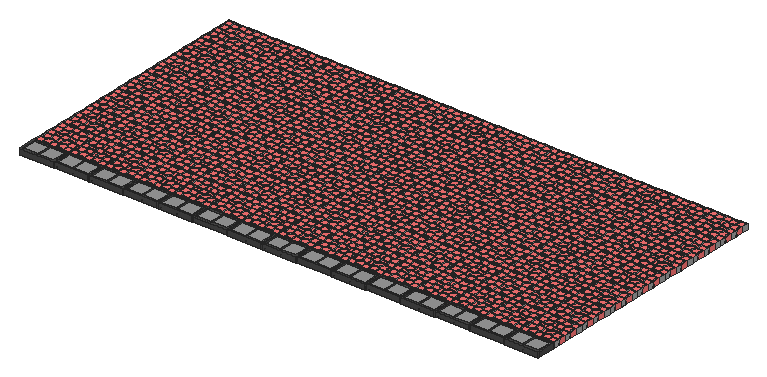
Revit family "ECORASTER® Parkplatz Typ 1", category Generic Models, Revit 2014
Parameters
  Width = 2200 mm
  Vertical Count = Width / Block Length  # 7
  Stein weiss = Mat_white
  Length = 5000 mm
  Horizontal Count = Length / Block Length  # 15
  E50 Stones = Red
  E50 Housing = Default
  E = (Vertical Count * Block Length)  # 2310 mm
  D = Vertical Count * Block Length  # 2310 mm
  Bloxx halb housing = Black
  Block Length = 330 mm
Reference planes
  plane 1 "Center (Front/Back)": y = 0
  plane 2: z = 0
  plane 3 "Center (Left/Right)": x = 0
Dimensions and locks
  equal spacing: group 1, group 2, group 11, group 80, group 81, group 82, group 123  (x3)
  "Block Length": nested 1 to nested 2
  equal spacing: group 5, group 6, group 10, group 83, group 84, group 85, group 124  (x3)
  equal spacing: group 3, group 7, group 14, group 19, group 23, group 27, group 34, group 38, group 42, group 46, group 50, group 54, group 58, group 62, group 66  (x3)
  "Block Length": nested 4 to nested 2
  equal spacing: group 8, group 9, group 16, group 29, group 30, group 31, group 68, group 69, group 70, group 71, group 72, group 73, group 74, group 75, group 76  (x3)
  equal spacing: group 12, group 13, group 15, group 86, group 87, group 88, group 125  (x3)
  "Block Length": nested 10 to nested 11
  equal spacing: group 17, group 18, group 20, group 89, group 90, group 91, group 126  (x3)
  "Block Length": nested 14 to nested 15
  equal spacing: group 21, group 22, group 24, group 92, group 93, group 94, group 127  (x3)
  "Block Length": nested 17 to nested 18
  equal spacing: group 25, group 26, group 28, group 95, group 96, group 97, group 128  (x3)
  "Block Length": nested 20 to nested 21
  equal spacing: group 32, group 33, group 35, group 98, group 99, group 100, group 129  (x3)
  "Block Length": nested 26 to nested 27
  equal spacing: group 36, group 37, group 39, group 101, group 102, group 103, group 130  (x3)
  "Block Length": nested 29 to nested 30
  equal spacing: group 40, group 41, group 43, group 104, group 105, group 106, group 131  (x3)
  "Block Length": nested 32 to nested 33
  equal spacing: group 44, group 45, group 47, group 107, group 108, group 109, group 132  (x3)
  "Block Length": nested 35 to nested 36
  equal spacing: group 48, group 49, group 51, group 110, group 111, group 112, group 133  (x3)
  "Block Length": nested 38 to nested 39
  equal spacing: group 52, group 53, group 55, group 113, group 114, group 115, group 134  (x3)
  "Block Length": nested 41 to nested 42
  equal spacing: group 56, group 57, group 59, group 116, group 117, group 118, group 135  (x3)
  "Block Length": nested 44 to nested 45
  equal spacing: group 60, group 61, group 63, group 119, group 120, group 121, group 136  (x3)
  "Block Length": nested 47 to nested 48
  equal spacing: group 64, group 65, group 67, group 77, group 78, group 79, group 122  (x3)
  "Block Length": nested 50 to nested 51
  aligned and locked: plane 2 to level
Nested families
  nested 1: "E50_Red_Brick" at (-167, 165, 0), type "E50_Red_Brick"
  nested 2: "E50_Red_Brick" at (-167, 495, 0), type "E50_Red_Brick"
  nested 3: "E50_Red_Brick" at (163, 165, 0), type "E50_Red_Brick", not visible
  nested 4: "E50_Red_Brick" at (163, 165, 0), type "E50_Red_Brick"
  nested 5: "E50_Red_Brick" at (163, 495, 0), type "E50_Red_Brick"
  nested 6: "ECORASTER Half_Bloxx" at (-165, -180, 0), type "ECORASTER Half_Bloxx"
  nested 7: "ECORASTER Half_Bloxx" at (165, -180, 0), type "ECORASTER Half_Bloxx"
  nested 8: "E50_Red_Brick" at (163, 825, 0), type "E50_Red_Brick"
  nested 9: "E50_Red_Brick" at (-167, 825, 0), type "E50_Red_Brick"
  nested 10: "E50_Red_Brick" at (493, 165, 0), type "E50_Red_Brick"
  nested 11: "E50_Red_Brick" at (493, 495, 0), type "E50_Red_Brick"
  nested 12: "E50_Red_Brick" at (493, 825, 0), type "E50_Red_Brick"
  nested 13: "ECORASTER Half_Bloxx" at (495, -180, 0), type "ECORASTER Half_Bloxx"
  nested 14: "E50_Red_Brick" at (823, 165, 0), type "E50_Red_Brick"
  nested 15: "E50_Red_Brick" at (823, 495, 0), type "E50_Red_Brick"
  nested 16: "E50_Red_Brick" at (823, 825, 0), type "E50_Red_Brick"
  nested 17: "E50_Red_Brick" at (1153, 165, 0), type "E50_Red_Brick"
  nested 18: "E50_Red_Brick" at (1153, 495, 0), type "E50_Red_Brick"
  nested 19: "E50_Red_Brick" at (1153, 825, 0), type "E50_Red_Brick"
  nested 20: "E50_Red_Brick" at (1483, 165, 0), type "E50_Red_Brick"
  nested 21: "E50_Red_Brick" at (1483, 495, 0), type "E50_Red_Brick"
  nested 22: "E50_Red_Brick" at (1483, 825, 0), type "E50_Red_Brick"
  nested 23: "ECORASTER Half_Bloxx" at (825, -180, 0), type "ECORASTER Half_Bloxx"
  nested 24: "ECORASTER Half_Bloxx" at (1155, -180, 0), type "ECORASTER Half_Bloxx"
  nested 25: "ECORASTER Half_Bloxx" at (1485, -180, 0), type "ECORASTER Half_Bloxx"
  nested 26: "E50_Red_Brick" at (1813, 165, 0), type "E50_Red_Brick"
  nested 27: "E50_Red_Brick" at (1813, 495, 0), type "E50_Red_Brick"
  nested 28: "E50_Red_Brick" at (1813, 825, 0), type "E50_Red_Brick"
  nested 29: "E50_Red_Brick" at (2143, 165, 0), type "E50_Red_Brick"
  nested 30: "E50_Red_Brick" at (2143, 495, 0), type "E50_Red_Brick"
  nested 31: "E50_Red_Brick" at (2143, 825, 0), type "E50_Red_Brick"
  nested 32: "E50_Red_Brick" at (2473, 165, 0), type "E50_Red_Brick"
  nested 33: "E50_Red_Brick" at (2473, 495, 0), type "E50_Red_Brick"
  nested 34: "E50_Red_Brick" at (2473, 825, 0), type "E50_Red_Brick"
  nested 35: "E50_Red_Brick" at (2803, 165, 0), type "E50_Red_Brick"
  nested 36: "E50_Red_Brick" at (2803, 495, 0), type "E50_Red_Brick"
  nested 37: "E50_Red_Brick" at (2803, 825, 0), type "E50_Red_Brick"
  nested 38: "E50_Red_Brick" at (3133, 165, 0), type "E50_Red_Brick"
  nested 39: "E50_Red_Brick" at (3133, 495, 0), type "E50_Red_Brick"
  nested 40: "E50_Red_Brick" at (3133, 825, 0), type "E50_Red_Brick"
  nested 41: "E50_Red_Brick" at (3463, 165, 0), type "E50_Red_Brick"
  nested 42: "E50_Red_Brick" at (3463, 495, 0), type "E50_Red_Brick"
  nested 43: "E50_Red_Brick" at (3463, 825, 0), type "E50_Red_Brick"
  nested 44: "E50_Red_Brick" at (3793, 165, 0), type "E50_Red_Brick"
  nested 45: "E50_Red_Brick" at (3793, 495, 0), type "E50_Red_Brick"
  nested 46: "E50_Red_Brick" at (3793, 825, 0), type "E50_Red_Brick"
  nested 47: "E50_Red_Brick" at (4123, 165, 0), type "E50_Red_Brick"
  nested 48: "E50_Red_Brick" at (4123, 495, 0), type "E50_Red_Brick"
  nested 49: "E50_Red_Brick" at (4123, 825, 0), type "E50_Red_Brick"
  nested 50: "E50_Red_Brick" at (4453, 165, 0), type "E50_Red_Brick"
  nested 51: "E50_Red_Brick" at (4453, 495, 0), type "E50_Red_Brick"
  nested 52: "E50_Red_Brick" at (4453, 825, 0), type "E50_Red_Brick"
  nested 53: "ECORASTER Half_Bloxx" at (1815, -180, 0), type "ECORASTER Half_Bloxx"
  nested 54: "ECORASTER Half_Bloxx" at (2145, -180, 0), type "ECORASTER Half_Bloxx"
  nested 55: "ECORASTER Half_Bloxx" at (2475, -180, 0), type "ECORASTER Half_Bloxx"
  nested 56: "ECORASTER Half_Bloxx" at (2805, -180, 0), type "ECORASTER Half_Bloxx"
  nested 57: "ECORASTER Half_Bloxx" at (3135, -180, 0), type "ECORASTER Half_Bloxx"
  nested 58: "ECORASTER Half_Bloxx" at (3465, -180, 0), type "ECORASTER Half_Bloxx"
  nested 59: "ECORASTER Half_Bloxx" at (3795, -180, 0), type "ECORASTER Half_Bloxx"
  nested 60: "ECORASTER Half_Bloxx" at (4125, -180, 0), type "ECORASTER Half_Bloxx"
  nested 61: "ECORASTER Half_Bloxx" at (4455, -180, 0), type "ECORASTER Half_Bloxx"
  nested 62: "E50_Red_Brick" at (4453, 1155, 0), type "E50_Red_Brick"
  nested 63: "E50_Red_Brick" at (4453, 1485, 0), type "E50_Red_Brick"
  nested 64: "E50_Red_Brick" at (4453, 1815, 0), type "E50_Red_Brick"
  nested 65: "E50_Red_Brick" at (-167, 1155, 0), type "E50_Red_Brick"
  nested 66: "E50_Red_Brick" at (-167, 1485, 0), type "E50_Red_Brick"
  nested 67: "E50_Red_Brick" at (-167, 1815, 0), type "E50_Red_Brick"
  nested 68: "E50_Red_Brick" at (163, 1155, 0), type "E50_Red_Brick"
  nested 69: "E50_Red_Brick" at (163, 1485, 0), type "E50_Red_Brick"
  nested 70: "E50_Red_Brick" at (163, 1815, 0), type "E50_Red_Brick"
  nested 71: "E50_Red_Brick" at (493, 1155, 0), type "E50_Red_Brick"
  nested 72: "E50_Red_Brick" at (493, 1485, 0), type "E50_Red_Brick"
  nested 73: "E50_Red_Brick" at (493, 1815, 0), type "E50_Red_Brick"
  nested 74: "E50_Red_Brick" at (823, 1155, 0), type "E50_Red_Brick"
  nested 75: "E50_Red_Brick" at (823, 1485, 0), type "E50_Red_Brick"
  nested 76: "E50_Red_Brick" at (823, 1815, 0), type "E50_Red_Brick"
  nested 77: "E50_Red_Brick" at (1153, 1155, 0), type "E50_Red_Brick"
  nested 78: "E50_Red_Brick" at (1153, 1485, 0), type "E50_Red_Brick"
  nested 79: "E50_Red_Brick" at (1153, 1815, 0), type "E50_Red_Brick"
  nested 80: "E50_Red_Brick" at (1483, 1155, 0), type "E50_Red_Brick"
  nested 81: "E50_Red_Brick" at (1483, 1485, 0), type "E50_Red_Brick"
  nested 82: "E50_Red_Brick" at (1483, 1815, 0), type "E50_Red_Brick"
  nested 83: "E50_Red_Brick" at (1813, 1155, 0), type "E50_Red_Brick"
  nested 84: "E50_Red_Brick" at (1813, 1485, 0), type "E50_Red_Brick"
  nested 85: "E50_Red_Brick" at (1813, 1815, 0), type "E50_Red_Brick"
  nested 86: "E50_Red_Brick" at (2143, 1155, 0), type "E50_Red_Brick"
  nested 87: "E50_Red_Brick" at (2143, 1485, 0), type "E50_Red_Brick"
  nested 88: "E50_Red_Brick" at (2143, 1815, 0), type "E50_Red_Brick"
  nested 89: "E50_Red_Brick" at (2473, 1155, 0), type "E50_Red_Brick"
  nested 90: "E50_Red_Brick" at (2473, 1485, 0), type "E50_Red_Brick"
  nested 91: "E50_Red_Brick" at (2473, 1815, 0), type "E50_Red_Brick"
  nested 92: "E50_Red_Brick" at (2803, 1155, 0), type "E50_Red_Brick"
  nested 93: "E50_Red_Brick" at (2803, 1485, 0), type "E50_Red_Brick"
  nested 94: "E50_Red_Brick" at (2803, 1815, 0), type "E50_Red_Brick"
  nested 95: "E50_Red_Brick" at (3133, 1155, 0), type "E50_Red_Brick"
  nested 96: "E50_Red_Brick" at (3133, 1485, 0), type "E50_Red_Brick"
  nested 97: "E50_Red_Brick" at (3133, 1815, 0), type "E50_Red_Brick"
  nested 98: "E50_Red_Brick" at (3463, 1155, 0), type "E50_Red_Brick"
  nested 99: "E50_Red_Brick" at (3463, 1485, 0), type "E50_Red_Brick"
  nested 100: "E50_Red_Brick" at (3463, 1815, 0), type "E50_Red_Brick"
  nested 101: "E50_Red_Brick" at (3793, 1155, 0), type "E50_Red_Brick"
  nested 102: "E50_Red_Brick" at (3793, 1485, 0), type "E50_Red_Brick"
  nested 103: "E50_Red_Brick" at (3793, 1815, 0), type "E50_Red_Brick"
  nested 104: "E50_Red_Brick" at (4123, 1155, 0), type "E50_Red_Brick"
  nested 105: "E50_Red_Brick" at (4123, 1485, 0), type "E50_Red_Brick"
  nested 106: "E50_Red_Brick" at (4123, 1815, 0), type "E50_Red_Brick"
  nested 107: "E50_Red_Brick" at (4453, 2145, 0), type "E50_Red_Brick"
  nested 108: "E50_Red_Brick" at (-167, 2145, 0), type "E50_Red_Brick"
  nested 109: "E50_Red_Brick" at (163, 2145, 0), type "E50_Red_Brick"
  nested 110: "E50_Red_Brick" at (493, 2145, 0), type "E50_Red_Brick"
  nested 111: "E50_Red_Brick" at (823, 2145, 0), type "E50_Red_Brick"
  nested 112: "E50_Red_Brick" at (1153, 2145, 0), type "E50_Red_Brick"
  nested 113: "E50_Red_Brick" at (1483, 2145, 0), type "E50_Red_Brick"
  nested 114: "E50_Red_Brick" at (1813, 2145, 0), type "E50_Red_Brick"
  nested 115: "E50_Red_Brick" at (2143, 2145, 0), type "E50_Red_Brick"
  nested 116: "E50_Red_Brick" at (2473, 2145, 0), type "E50_Red_Brick"
  nested 117: "E50_Red_Brick" at (2803, 2145, 0), type "E50_Red_Brick"
  nested 118: "E50_Red_Brick" at (3133, 2145, 0), type "E50_Red_Brick"
  nested 119: "E50_Red_Brick" at (3463, 2145, 0), type "E50_Red_Brick"
  nested 120: "E50_Red_Brick" at (3793, 2145, 0), type "E50_Red_Brick"
  nested 121: "E50_Red_Brick" at (4123, 2145, 0), type "E50_Red_Brick"
Definition of nested family "E50_Red_Brick"
  Parameters (values of type "E50_Red_Brick")
    Model = "Ecoraster E40"
    E50 stones = Red
    E 50 housing = Default
  Reference planes
    plane 1 "Center (Front/Back)": y = 0
    plane 2: z = 0
    plane 3 "Center (Left/Right)": x = 0
  Forms (mm)
    Extrusion 1, solid, material "Default" <- "E 50 housing", detail levels fine
      sketch origin (-163, -165, 0) x (1, 0, 0) y (0, 1, 0)
        loop
          line (66, 330) -> (0, 330) -> (0, 264)
          arc (0, 264) -> (13.669, 231) -> (0, 198) r 46.669
          line (0, 198) -> (0, 132)
          arc (0, 132) -> (13.669, 99) -> (0, 66) r 46.669
          line (0, 66) -> (0, 0) -> (66, 0)
          arc (66, 0) -> (99, 13.669) -> (132, 0) r 46.669
          line (132, 0) -> (198, 0)
          arc (198, 0) -> (231, 13.669) -> (264, 0) r 46.669
          line (264, 0) -> (330, 0) -> (330, 66)
          arc (330, 66) -> (316.331, 99) -> (330, 132) r 46.669
          line (330, 132) -> (330, 198)
          arc (330, 198) -> (316.331, 231) -> (330, 264) r 46.669
          line (330, 264) -> (330, 330) -> (264, 330)
          arc (264, 330) -> (231, 316.331) -> (198, 330) r 46.669
          line (198, 330) -> (132, 330)
          arc (132, 330) -> (99, 316.331) -> (66, 330) r 46.669
        loop
          line (3, 327) -> (3, 267) -> (63, 267) -> (63, 327) -> (3, 327)
        loop
          line (66, 325.878) -> (66, 268.122) -> (75.524, 256.665)
          arc (75.524, 256.665) -> (105.011, 250.72) -> (132, 264) r 46.669
          line (132, 264) -> (132, 325.878)
          arc (132, 325.878) -> (99, 313.331) -> (66, 325.878) r 49.669
        loop
          line (195, 327) -> (135, 327) -> (135, 267) -> (195, 267) -> (195, 327)
        loop
          line (198, 325.878) -> (198, 264)
          arc (198, 264) -> (224.989, 250.72) -> (254.476, 256.665) r 46.669
          line (254.476, 256.665) -> (264, 268.122) -> (264, 325.878)
          arc (264, 325.878) -> (231, 313.331) -> (198, 325.878) r 49.669
        loop
          line (327, 327) -> (267, 327) -> (267, 267) -> (327, 267) -> (327, 327)
        loop
          line (61.878, 264) -> (4.122, 264)
          arc (4.122, 264) -> (16.669, 231) -> (4.122, 198) r 49.669
          line (4.122, 198) -> (66, 198)
          arc (66, 198) -> (79.28, 224.989) -> (73.335, 254.476) r 46.669
          line (73.335, 254.476) -> (61.878, 264)
        loop
          arc (78.021, 251.979) -> (81.922, 222.416) -> (68.19, 195.947) r 49.669
          arc (68.19, 195.947) -> (132, 198) -> (134.053, 261.81) r 46.669
          arc (134.053, 261.81) -> (107.584, 248.078) -> (78.021, 251.979) r 49.669
        loop
          arc (136.122, 264) -> (148.669, 231) -> (136.122, 198) r 49.669
          line (136.122, 198) -> (193.878, 198)
          arc (193.878, 198) -> (181.331, 231) -> (193.878, 264) r 49.669
          line (193.878, 264) -> (136.122, 264)
        loop
          arc (195.947, 261.81) -> (198, 198) -> (261.81, 195.947) r 46.669
          arc (261.81, 195.947) -> (248.078, 222.416) -> (251.979, 251.979) r 49.669
          arc (251.979, 251.979) -> (222.416, 248.078) -> (195.947, 261.81) r 49.669
        loop
          line (268.122, 264) -> (256.665, 254.476)
          arc (256.665, 254.476) -> (250.72, 224.989) -> (264, 198) r 46.669
          line (264, 198) -> (325.878, 198)
          arc (325.878, 198) -> (313.331, 231) -> (325.878, 264) r 49.669
          line (325.878, 264) -> (268.122, 264)
        loop
          line (3, 195) -> (3, 135) -> (63, 135) -> (63, 195) -> (3, 195)
        loop
          line (66, 193.878) -> (66, 136.122)
          arc (66, 136.122) -> (99, 148.669) -> (132, 136.122) r 49.669
          line (132, 136.122) -> (132, 193.878)
          arc (132, 193.878) -> (99, 181.331) -> (66, 193.878) r 49.669
        loop
          line (195, 195) -> (135, 195) -> (135, 135) -> (195, 135) -> (195, 195)
        loop
          line (198, 193.878) -> (198, 136.122)
          arc (198, 136.122) -> (231, 148.669) -> (264, 136.122) r 49.669
          line (264, 136.122) -> (264, 193.878)
          arc (264, 193.878) -> (231, 181.331) -> (198, 193.878) r 49.669
        loop
          line (327, 195) -> (267, 195) -> (267, 135) -> (327, 135) -> (327, 195)
        loop
          line (66, 132) -> (4.122, 132)
          arc (4.122, 132) -> (16.669, 99) -> (4.122, 66) r 49.669
          line (4.122, 66) -> (61.878, 66) -> (73.335, 75.524)
          arc (73.335, 75.524) -> (79.28, 105.011) -> (66, 132) r 46.669
        loop
          arc (134.053, 68.19) -> (132, 132) -> (68.19, 134.053) r 46.669
          arc (68.19, 134.053) -> (81.922, 107.584) -> (78.021, 78.021) r 49.669
          arc (78.021, 78.021) -> (107.584, 81.922) -> (134.053, 68.19) r 49.669
        loop
          arc (136.122, 132) -> (148.669, 99) -> (136.122, 66) r 49.669
          line (136.122, 66) -> (193.878, 66)
          arc (193.878, 66) -> (181.331, 99) -> (193.878, 132) r 49.669
          line (193.878, 132) -> (136.122, 132)
        loop
          arc (261.81, 134.053) -> (198, 132) -> (195.947, 68.19) r 46.669
          arc (195.947, 68.19) -> (222.416, 81.922) -> (251.979, 78.021) r 49.669
          arc (251.979, 78.021) -> (248.078, 107.584) -> (261.81, 134.053) r 49.669
        loop
          arc (264, 132) -> (250.72, 105.011) -> (256.665, 75.524) r 46.669
          line (256.665, 75.524) -> (268.122, 66) -> (325.878, 66)
          arc (325.878, 66) -> (313.331, 99) -> (325.878, 132) r 49.669
          line (325.878, 132) -> (264, 132)
        loop
          line (63, 63) -> (3, 63) -> (3, 3) -> (63, 3) -> (63, 63)
        loop
          arc (132, 66) -> (105.011, 79.28) -> (75.524, 73.335) r 46.669
          line (75.524, 73.335) -> (66, 61.878) -> (66, 4.122)
          arc (66, 4.122) -> (99, 16.669) -> (132, 4.122) r 49.669
          line (132, 4.122) -> (132, 66)
        loop
          line (135, 63) -> (135, 3) -> (195, 3) -> (195, 63) -> (135, 63)
        loop
          arc (254.476, 73.335) -> (224.989, 79.28) -> (198, 66) r 46.669
          line (198, 66) -> (198, 4.122)
          arc (198, 4.122) -> (231, 16.669) -> (264, 4.122) r 49.669
          line (264, 4.122) -> (264, 61.878) -> (254.476, 73.335)
        loop
          line (267, 63) -> (267, 3) -> (327, 3) -> (327, 63) -> (267, 63)
      from 0 to 50
    Extrusion 2, void, detail levels fine
      sketch origin (-163, -165, 0) x (1, 0, 0) y (0, 1, 0)
        loop
          line (0, 299) -> (0, 295) -> (3, 295) -> (3, 299) -> (0, 299)
      from 0 to 20
    Extrusion 3, void, detail levels fine
      sketch origin (-163, -297, 0) x (1, 0, 0) y (0, 1, 0)
        loop
          line (0, 299) -> (0, 295) -> (3, 295) -> (3, 299) -> (0, 299)
      from 0 to 20
    Extrusion 4, void, detail levels fine
      sketch origin (-163, -429, 0) x (1, 0, 0) y (0, 1, 0)
        loop
          line (0, 299) -> (0, 295) -> (3, 295) -> (3, 299) -> (0, 299)
      from 0 to 20
    Extrusion 5, void, detail levels fine
      sketch origin (-427, -162, 0) x (0, -1, 0) y (1, 0, 0)
        loop
          line (0, 299) -> (0, 295) -> (3, 295) -> (3, 299) -> (0, 299)
      from 0 to 20
    Extrusion 6, void, detail levels fine
      sketch origin (-295, -162, 0) x (0, -1, 0) y (1, 0, 0)
        loop
          line (0, 299) -> (0, 295) -> (3, 295) -> (3, 299) -> (0, 299)
      from 0 to 20
    Extrusion 7, void, detail levels fine
      sketch origin (-163, -162, 0) x (0, -1, 0) y (1, 0, 0)
        loop
          line (0, 299) -> (0, 295) -> (3, 295) -> (3, 299) -> (0, 299)
      from 0 to 20
    Extrusion 8, solid, material "Default" <- "E 50 housing", detail levels coarse
      sketch origin (-163, -165, 0) x (1, 0, 0) y (0, 1, 0)
        loop
          line (0, 330) -> (0, 0) -> (330, 0) -> (330, 330) -> (0, 330)
      from 0 to 50
    Extrusion 9, solid, material "Default" <- "E 50 housing", detail levels medium
      sketch origin (-163, -165, 0) x (1, 0, 0) y (0, 1, 0)
        loop
          line (66, 330) -> (0, 330) -> (0, 264)
          arc (0, 264) -> (13.669, 231) -> (0, 198) r 46.669
          line (0, 198) -> (0, 132)
          arc (0, 132) -> (13.669, 99) -> (0, 66) r 46.669
          line (0, 66) -> (0, 0) -> (66, 0)
          arc (66, 0) -> (99, 13.669) -> (132, 0) r 46.669
          line (132, 0) -> (198, 0)
          arc (198, 0) -> (231, 13.669) -> (264, 0) r 46.669
          line (264, 0) -> (330, 0) -> (330, 66)
          arc (330, 66) -> (316.331, 99) -> (330, 132) r 46.669
          line (330, 132) -> (330, 198)
          arc (330, 198) -> (316.331, 231) -> (330, 264) r 46.669
          line (330, 264) -> (330, 330) -> (264, 330)
          arc (264, 330) -> (231, 316.331) -> (198, 330) r 46.669
          line (198, 330) -> (132, 330)
          arc (132, 330) -> (99, 316.331) -> (66, 330) r 46.669
      from 0 to 50
    Extrusion 10, solid, material "Red" <- "E50 stones", detail levels fine
      sketch origin (0, 0, 0) x (1, 0, 0) y (0, 1, 0)
        loop
          line (-100, 102) -> (-100, 162) -> (-160, 162) -> (-160, 102) -> (-100, 102)
        loop
          line (-31, 99) -> (-31, 160.878)
          arc (-31, 160.878) -> (-64, 148.331) -> (-97, 160.878) r 49.669
          line (-97, 160.878) -> (-97, 103.122) -> (-87.476, 91.665)
          arc (-87.476, 91.665) -> (-57.989, 85.72) -> (-31, 99) r 46.669
        loop
          line (32, 102) -> (32, 162) -> (-28, 162) -> (-28, 102) -> (32, 102)
        loop
          line (91.476, 91.665) -> (101, 103.122) -> (101, 160.878)
          arc (101, 160.878) -> (68, 148.331) -> (35, 160.878) r 49.669
          line (35, 160.878) -> (35, 99)
          arc (35, 99) -> (61.989, 85.72) -> (91.476, 91.665) r 46.669
        loop
          line (164, 102) -> (164, 162) -> (104, 162) -> (104, 102) -> (164, 102)
        loop
          line (101, 33) -> (162.878, 33)
          arc (162.878, 33) -> (150.331, 66) -> (162.878, 99) r 49.669
          line (162.878, 99) -> (105.122, 99) -> (93.665, 89.476)
          arc (93.665, 89.476) -> (87.72, 59.989) -> (101, 33) r 46.669
        loop
          arc (98.81, 30.947) -> (85.078, 57.416) -> (88.979, 86.979) r 49.669
          arc (88.979, 86.979) -> (59.416, 83.078) -> (32.947, 96.81) r 49.669
          arc (32.947, 96.81) -> (35, 33) -> (98.81, 30.947) r 46.669
        loop
          arc (30.878, 33) -> (18.331, 66) -> (30.878, 99) r 49.669
          line (30.878, 99) -> (-26.878, 99)
          arc (-26.878, 99) -> (-14.331, 66) -> (-26.878, 33) r 49.669
          line (-26.878, 33) -> (30.878, 33)
        loop
          arc (-28.947, 96.81) -> (-55.416, 83.078) -> (-84.979, 86.979) r 49.669
          arc (-84.979, 86.979) -> (-81.078, 57.416) -> (-94.81, 30.947) r 49.669
          arc (-94.81, 30.947) -> (-31, 33) -> (-28.947, 96.81) r 46.669
        loop
          arc (-97, 33) -> (-83.72, 59.989) -> (-89.665, 89.476) r 46.669
          line (-89.665, 89.476) -> (-101.122, 99) -> (-158.878, 99)
          arc (-158.878, 99) -> (-146.331, 66) -> (-158.878, 33) r 49.669
          line (-158.878, 33) -> (-97, 33)
        loop
          arc (-158.878, -33) -> (-146.331, -66) -> (-158.878, -99) r 49.669
          line (-158.878, -99) -> (-101.122, -99) -> (-89.665, -89.476)
          arc (-89.665, -89.476) -> (-83.72, -59.989) -> (-97, -33) r 46.669
          line (-97, -33) -> (-158.878, -33)
        loop
          line (-100, -30) -> (-100, 30) -> (-160, 30) -> (-160, -30) -> (-100, -30)
        loop
          line (-31, -28.878) -> (-31, 28.878)
          arc (-31, 28.878) -> (-64, 16.331) -> (-97, 28.878) r 49.669
          line (-97, 28.878) -> (-97, -28.878)
          arc (-97, -28.878) -> (-64, -16.331) -> (-31, -28.878) r 49.669
        loop
          line (32, -30) -> (32, 30) -> (-28, 30) -> (-28, -30) -> (32, -30)
        loop
          line (101, -28.878) -> (101, 28.878)
          arc (101, 28.878) -> (68, 16.331) -> (35, 28.878) r 49.669
          line (35, 28.878) -> (35, -28.878)
          arc (35, -28.878) -> (68, -16.331) -> (101, -28.878) r 49.669
        loop
          line (164, -30) -> (164, 30) -> (104, 30) -> (104, -30) -> (164, -30)
        loop
          line (93.665, -89.476) -> (105.122, -99) -> (162.878, -99)
          arc (162.878, -99) -> (150.331, -66) -> (162.878, -33) r 49.669
          line (162.878, -33) -> (101, -33)
          arc (101, -33) -> (87.72, -59.989) -> (93.665, -89.476) r 46.669
        loop
          arc (88.979, -86.979) -> (85.078, -57.416) -> (98.81, -30.947) r 49.669
          arc (98.81, -30.947) -> (35, -33) -> (32.947, -96.81) r 46.669
          arc (32.947, -96.81) -> (59.416, -83.078) -> (88.979, -86.979) r 49.669
        loop
          line (30.878, -33) -> (-26.878, -33)
          arc (-26.878, -33) -> (-14.331, -66) -> (-26.878, -99) r 49.669
          line (-26.878, -99) -> (30.878, -99)
          arc (30.878, -99) -> (18.331, -66) -> (30.878, -33) r 49.669
        loop
          arc (-94.81, -30.947) -> (-81.078, -57.416) -> (-84.979, -86.979) r 49.669
          arc (-84.979, -86.979) -> (-55.416, -83.078) -> (-28.947, -96.81) r 49.669
          arc (-28.947, -96.81) -> (-31, -33) -> (-94.81, -30.947) r 46.669
        loop
          line (-100, -102) -> (-160, -102) -> (-160, -162) -> (-100, -162) -> (-100, -102)
        loop
          line (-97, -103.122) -> (-97, -160.878)
          arc (-97, -160.878) -> (-64, -148.331) -> (-31, -160.878) r 49.669
          line (-31, -160.878) -> (-31, -99)
          arc (-31, -99) -> (-57.989, -85.72) -> (-87.476, -91.665) r 46.669
          line (-87.476, -91.665) -> (-97, -103.122)
        loop
          line (-28, -102) -> (-28, -162) -> (32, -162) -> (32, -102) -> (-28, -102)
        loop
          line (35, -99) -> (35, -160.878)
          arc (35, -160.878) -> (68, -148.331) -> (101, -160.878) r 49.669
          line (101, -160.878) -> (101, -103.122) -> (91.476, -91.665)
          arc (91.476, -91.665) -> (61.989, -85.72) -> (35, -99) r 46.669
        loop
          line (104, -102) -> (104, -162) -> (164, -162) -> (164, -102) -> (104, -102)
        loop
          line (-31, 165) -> (-97, 165)
          arc (-97, 165) -> (-64, 151.331) -> (-31, 165) r 46.669
        loop
          line (101, 165) -> (35, 165)
          arc (35, 165) -> (68, 151.331) -> (101, 165) r 46.669
        loop
          line (167, 33) -> (167, 99)
          arc (167, 99) -> (153.331, 66) -> (167, 33) r 46.669
        loop
          line (167, -99) -> (167, -33)
          arc (167, -33) -> (153.331, -66) -> (167, -99) r 46.669
        loop
          line (35, -165) -> (101, -165)
          arc (101, -165) -> (68, -151.331) -> (35, -165) r 46.669
        loop
          line (-97, -165) -> (-31, -165)
          arc (-31, -165) -> (-64, -151.331) -> (-97, -165) r 46.669
        loop
          line (-163, -33) -> (-163, -99)
          arc (-163, -99) -> (-149.331, -66) -> (-163, -33) r 46.669
        loop
          line (-163, 99) -> (-163, 33)
          arc (-163, 33) -> (-149.331, 66) -> (-163, 99) r 46.669
      from 0 to 50
  Cuts and joins
    Extrusion 2, Extrusion 3, Extrusion 4, Extrusion 5, Extrusion 6, Extrusion 7 cuts Extrusion 1
  Dimensions and locks
    aligned and locked: Extrusion 8 to cut or joined group of Extrusion 1, Extrusion 2, Extrusion 3, Extrusion 4, Extrusion 5, Extrusion 6, Extrusion 7
Definition of nested family "ECORASTER Half_Bloxx"
  Parameters (values of type "ECORASTER Half_Bloxx")
    Stein weiss = Mat_white
    Bloxx halb housing = Black
  Reference planes
    plane 1 "Center (Front/Back)": y = 0
    plane 2: z = 0
    plane 3 "Center (Left/Right)": x = 0
  Forms (mm)
    Extrusion 1, solid, material "Black" <- "Bloxx halb housing", detail levels fine
      sketch origin (0, 12.645, 0) x (1, 0, 0) y (0, 1, 0)
        loop
          spline (-158.001, 167.355) -> (-158.915, 167.295) -> (-159.813, 167.117) -> (-160.68, 166.823) -> (-161.501, 166.418) -> (-162.262, 165.909) -> (-162.95, 165.305) -> (-163.554, 164.617) -> (-164.062, 163.856) -> (-164.467, 163.035) -> (-164.762, 162.168) -> (-164.94, 161.27) -> (-165, 160.356)
          line (-165, 160.356) -> (-165, -5.646)
          spline (-165, -5.646) -> (-164.94, -6.559) -> (-164.762, -7.457) -> (-164.467, -8.324) -> (-164.062, -9.145) -> (-163.554, -9.907) -> (-162.95, -10.595) -> (-162.262, -11.198) -> (-161.501, -11.707) -> (-160.68, -12.112) -> (-159.813, -12.406) -> (-158.915, -12.585) -> (-158.001, -12.645)
          line (-158.001, -12.645) -> (158.001, -12.645)
          spline (158.001, -12.645) -> (158.915, -12.585) -> (159.813, -12.406) -> (160.68, -12.112) -> (161.501, -11.707) -> (162.262, -11.198) -> (162.95, -10.595) -> (163.554, -9.907) -> (164.062, -9.145) -> (164.467, -8.324) -> (164.762, -7.457) -> (164.94, -6.559) -> (165, -5.646)
          line (165, -5.646) -> (165, 160.356)
          spline (165, 160.356) -> (164.94, 161.27) -> (164.762, 162.168) -> (164.467, 163.035) -> (164.062, 163.856) -> (163.554, 164.617) -> (162.95, 165.305) -> (162.262, 165.909) -> (161.501, 166.418) -> (160.68, 166.823) -> (159.813, 167.117) -> (158.915, 167.295) -> (158.001, 167.355)
          line (158.001, 167.355) -> (-158.001, 167.355)
        loop
          spline (-145.384, 148.384) -> (-145.776, 148.358) -> (-146.161, 148.282) -> (-146.532, 148.156) -> (-146.884, 147.982) -> (-147.211, 147.764) -> (-147.506, 147.506) -> (-147.764, 147.211) -> (-147.982, 146.884) -> (-148.156, 146.532) -> (-148.282, 146.161) -> (-148.358, 145.776) -> (-148.384, 145.384)
          line (-148.384, 145.384) -> (-148.384, 5.474)
          arc (-148.384, 5.474) -> (-147.505, 3.353) -> (-145.384, 2.474) r 3
          line (-145.384, 2.474) -> (-5.474, 2.474)
          arc (-5.474, 2.474) -> (-3.353, 3.353) -> (-2.474, 5.474) r 3
          line (-2.474, 5.474) -> (-2.474, 145.384)
          arc (-2.474, 145.384) -> (-3.353, 147.505) -> (-5.474, 148.384) r 3
          line (-5.474, 148.384) -> (-145.384, 148.384)
        loop
          line (145.384, 148.384) -> (5.474, 148.384)
          arc (5.474, 148.384) -> (3.353, 147.505) -> (2.474, 145.384) r 3
          line (2.474, 145.384) -> (2.474, 5.474)
          arc (2.474, 5.474) -> (3.353, 3.353) -> (5.474, 2.474) r 3
          line (5.474, 2.474) -> (145.384, 2.474)
          arc (145.384, 2.474) -> (147.505, 3.353) -> (148.384, 5.474) r 3
          line (148.384, 5.474) -> (148.384, 145.384)
          spline (148.384, 145.384) -> (148.358, 145.776) -> (148.282, 146.161) -> (148.156, 146.532) -> (147.982, 146.884) -> (147.764, 147.211) -> (147.506, 147.506) -> (147.211, 147.764) -> (146.884, 147.982) -> (146.532, 148.156) -> (146.161, 148.282) -> (145.776, 148.358) -> (145.384, 148.384)
      from 0 to 50
    Extrusion 2, solid, material "Black" <- "Bloxx halb housing", detail levels fine
      sketch origin (0, 12.645, 0) x (1, 0, 0) y (0, 1, 0)
        loop
          arc (-54.55, 109.477) -> (-50.722, 108.655) -> (-47.202, 110.369) r 6
          line (-47.202, 110.369) -> (-30.523, 127.048)
          spline (-30.523, 127.048) -> (-30.081, 127.584) -> (-29.752, 128.191) -> (-29.548, 128.848) -> (-29.476, 129.529) -> (-29.54, 130.209) -> (-29.736, 130.861) -> (-30.058, 131.461) -> (-30.494, 131.986) -> (-31.026, 132.417) -> (-31.635, 132.737) -> (-32.297, 132.934) -> (-32.989, 133)
          line (-32.989, 133) -> (-117.511, 133)
          spline (-117.511, 133) -> (-118.203, 132.934) -> (-118.865, 132.737) -> (-119.474, 132.417) -> (-120.006, 131.986) -> (-120.442, 131.461) -> (-120.764, 130.861) -> (-120.96, 130.209) -> (-121.024, 129.529) -> (-120.952, 128.848) -> (-120.748, 128.191) -> (-120.419, 127.584) -> (-119.977, 127.048)
          line (-119.977, 127.048) -> (-103.298, 110.369)
          arc (-103.298, 110.369) -> (-99.778, 108.655) -> (-95.95, 109.477) r 6
          arc (-95.95, 109.477) -> (-75.25, 115.25) -> (-54.55, 109.477) r 40
        loop
          spline (-127.048, 119.977) -> (-127.584, 120.419) -> (-128.191, 120.748) -> (-128.848, 120.952) -> (-129.529, 121.024) -> (-130.209, 120.96) -> (-130.861, 120.764) -> (-131.461, 120.442) -> (-131.986, 120.006) -> (-132.417, 119.474) -> (-132.737, 118.865) -> (-132.934, 118.203) -> (-133, 117.511)
          line (-133, 117.511) -> (-133, 32.989)
          spline (-133, 32.989) -> (-132.934, 32.297) -> (-132.737, 31.635) -> (-132.417, 31.026) -> (-131.986, 30.494) -> (-131.461, 30.058) -> (-130.861, 29.736) -> (-130.209, 29.54) -> (-129.529, 29.476) -> (-128.848, 29.548) -> (-128.191, 29.752) -> (-127.584, 30.081) -> (-127.048, 30.523)
          line (-127.048, 30.523) -> (-110.369, 47.202)
          arc (-110.369, 47.202) -> (-108.655, 50.722) -> (-109.477, 54.55) r 6
          arc (-109.477, 54.55) -> (-115.25, 75.25) -> (-109.477, 95.95) r 40
          arc (-109.477, 95.95) -> (-108.655, 99.778) -> (-110.369, 103.298) r 6
          line (-110.369, 103.298) -> (-127.048, 119.977)
        loop
          circle (-75.25, 75.25) r 30
        loop
          spline (-119.977, 23.452) -> (-120.419, 22.916) -> (-120.748, 22.309) -> (-120.952, 21.652) -> (-121.024, 20.971) -> (-120.96, 20.291) -> (-120.764, 19.639) -> (-120.442, 19.039) -> (-120.006, 18.514) -> (-119.474, 18.083) -> (-118.865, 17.763) -> (-118.203, 17.566) -> (-117.511, 17.5)
          line (-117.511, 17.5) -> (-32.989, 17.5)
          spline (-32.989, 17.5) -> (-32.297, 17.566) -> (-31.635, 17.763) -> (-31.026, 18.083) -> (-30.494, 18.514) -> (-30.058, 19.039) -> (-29.736, 19.639) -> (-29.54, 20.291) -> (-29.476, 20.971) -> (-29.548, 21.652) -> (-29.752, 22.309) -> (-30.081, 22.916) -> (-30.523, 23.452)
          line (-30.523, 23.452) -> (-47.202, 40.131)
          arc (-47.202, 40.131) -> (-50.722, 41.845) -> (-54.55, 41.023) r 6
          arc (-54.55, 41.023) -> (-75.25, 35.25) -> (-95.95, 41.023) r 40
          arc (-95.95, 41.023) -> (-99.778, 41.845) -> (-103.298, 40.131) r 6
          line (-103.298, 40.131) -> (-119.977, 23.452)
        loop
          spline (-17.5, 117.511) -> (-17.566, 118.203) -> (-17.763, 118.865) -> (-18.083, 119.474) -> (-18.514, 120.006) -> (-19.039, 120.442) -> (-19.639, 120.764) -> (-20.291, 120.96) -> (-20.971, 121.024) -> (-21.652, 120.952) -> (-22.309, 120.748) -> (-22.916, 120.419) -> (-23.452, 119.977)
          line (-23.452, 119.977) -> (-40.131, 103.298)
          arc (-40.131, 103.298) -> (-41.845, 99.778) -> (-41.023, 95.95) r 6
          arc (-41.023, 95.95) -> (-35.25, 75.25) -> (-41.023, 54.55) r 40
          arc (-41.023, 54.55) -> (-41.845, 50.722) -> (-40.131, 47.202) r 6
          line (-40.131, 47.202) -> (-23.452, 30.523)
          spline (-23.452, 30.523) -> (-22.916, 30.081) -> (-22.309, 29.752) -> (-21.652, 29.548) -> (-20.971, 29.476) -> (-20.291, 29.54) -> (-19.639, 29.736) -> (-19.039, 30.058) -> (-18.514, 30.494) -> (-18.083, 31.026) -> (-17.763, 31.635) -> (-17.566, 32.297) -> (-17.5, 32.989)
          line (-17.5, 32.989) -> (-17.5, 117.511)
        loop
          spline (-145.384, 148.384) -> (-145.776, 148.358) -> (-146.161, 148.282) -> (-146.532, 148.156) -> (-146.884, 147.982) -> (-147.211, 147.764) -> (-147.506, 147.506) -> (-147.764, 147.211) -> (-147.982, 146.884) -> (-148.156, 146.532) -> (-148.282, 146.161) -> (-148.358, 145.776) -> (-148.384, 145.384)
          line (-148.384, 145.384) -> (-148.384, 5.474)
          arc (-148.384, 5.474) -> (-147.505, 3.353) -> (-145.384, 2.474) r 3
          line (-145.384, 2.474) -> (-5.474, 2.474)
          arc (-5.474, 2.474) -> (-3.353, 3.353) -> (-2.474, 5.474) r 3
          line (-2.474, 5.474) -> (-2.474, 145.384)
          arc (-2.474, 145.384) -> (-3.353, 147.505) -> (-5.474, 148.384) r 3
          line (-5.474, 148.384) -> (-145.384, 148.384)
        loop
          arc (54.55, 109.477) -> (75.25, 115.25) -> (95.95, 109.477) r 40
          arc (95.95, 109.477) -> (99.778, 108.655) -> (103.298, 110.369) r 6
          line (103.298, 110.369) -> (119.977, 127.048)
          spline (119.977, 127.048) -> (120.419, 127.584) -> (120.748, 128.191) -> (120.952, 128.848) -> (121.024, 129.529) -> (120.96, 130.209) -> (120.764, 130.861) -> (120.442, 131.461) -> (120.006, 131.986) -> (119.474, 132.417) -> (118.865, 132.737) -> (118.203, 132.934) -> (117.511, 133)
          line (117.511, 133) -> (32.989, 133)
          spline (32.989, 133) -> (32.297, 132.934) -> (31.635, 132.737) -> (31.026, 132.417) -> (30.494, 131.986) -> (30.058, 131.461) -> (29.736, 130.861) -> (29.54, 130.209) -> (29.476, 129.529) -> (29.548, 128.848) -> (29.752, 128.191) -> (30.081, 127.584) -> (30.523, 127.048)
          line (30.523, 127.048) -> (47.202, 110.369)
          arc (47.202, 110.369) -> (50.722, 108.655) -> (54.55, 109.477) r 6
        loop
          line (127.048, 119.977) -> (110.369, 103.298)
          arc (110.369, 103.298) -> (108.655, 99.778) -> (109.477, 95.95) r 6
          arc (109.477, 95.95) -> (115.25, 75.25) -> (109.477, 54.55) r 40
          arc (109.477, 54.55) -> (108.655, 50.722) -> (110.369, 47.202) r 6
          line (110.369, 47.202) -> (127.048, 30.523)
          spline (127.048, 30.523) -> (127.584, 30.081) -> (128.191, 29.752) -> (128.848, 29.548) -> (129.529, 29.476) -> (130.209, 29.54) -> (130.861, 29.736) -> (131.461, 30.058) -> (131.986, 30.494) -> (132.417, 31.026) -> (132.737, 31.635) -> (132.934, 32.297) -> (133, 32.989)
          line (133, 32.989) -> (133, 117.511)
          spline (133, 117.511) -> (132.934, 118.203) -> (132.737, 118.865) -> (132.417, 119.474) -> (131.986, 120.006) -> (131.461, 120.442) -> (130.861, 120.764) -> (130.209, 120.96) -> (129.529, 121.024) -> (128.848, 120.952) -> (128.191, 120.748) -> (127.584, 120.419) -> (127.048, 119.977)
        loop
          circle (75.25, 75.25) r 30
        loop
          line (119.977, 23.452) -> (103.298, 40.131)
          arc (103.298, 40.131) -> (99.778, 41.845) -> (95.95, 41.023) r 6
          arc (95.95, 41.023) -> (75.25, 35.25) -> (54.55, 41.023) r 40
          arc (54.55, 41.023) -> (50.722, 41.845) -> (47.202, 40.131) r 6
          line (47.202, 40.131) -> (30.523, 23.452)
          spline (30.523, 23.452) -> (30.081, 22.916) -> (29.752, 22.309) -> (29.548, 21.652) -> (29.476, 20.971) -> (29.54, 20.291) -> (29.736, 19.639) -> (30.058, 19.039) -> (30.494, 18.514) -> (31.026, 18.083) -> (31.635, 17.763) -> (32.297, 17.566) -> (32.989, 17.5)
          line (32.989, 17.5) -> (117.511, 17.5)
          spline (117.511, 17.5) -> (118.203, 17.566) -> (118.865, 17.763) -> (119.474, 18.083) -> (120.006, 18.514) -> (120.442, 19.039) -> (120.764, 19.639) -> (120.96, 20.291) -> (121.024, 20.971) -> (120.952, 21.652) -> (120.748, 22.309) -> (120.419, 22.916) -> (119.977, 23.452)
        loop
          line (17.5, 117.511) -> (17.5, 32.989)
          spline (17.5, 32.989) -> (17.566, 32.297) -> (17.763, 31.635) -> (18.083, 31.026) -> (18.514, 30.494) -> (19.039, 30.058) -> (19.639, 29.736) -> (20.291, 29.54) -> (20.971, 29.476) -> (21.652, 29.548) -> (22.309, 29.752) -> (22.916, 30.081) -> (23.452, 30.523)
          line (23.452, 30.523) -> (40.131, 47.202)
          arc (40.131, 47.202) -> (41.845, 50.722) -> (41.023, 54.55) r 6
          arc (41.023, 54.55) -> (35.25, 75.25) -> (41.023, 95.95) r 40
          arc (41.023, 95.95) -> (41.845, 99.778) -> (40.131, 103.298) r 6
          line (40.131, 103.298) -> (23.452, 119.977)
          spline (23.452, 119.977) -> (22.916, 120.419) -> (22.309, 120.748) -> (21.652, 120.952) -> (20.971, 121.024) -> (20.291, 120.96) -> (19.639, 120.764) -> (19.039, 120.442) -> (18.514, 120.006) -> (18.083, 119.474) -> (17.763, 118.865) -> (17.566, 118.203) -> (17.5, 117.511)
        loop
          line (145.384, 148.384) -> (5.474, 148.384)
          arc (5.474, 148.384) -> (3.353, 147.505) -> (2.474, 145.384) r 3
          line (2.474, 145.384) -> (2.474, 5.474)
          arc (2.474, 5.474) -> (3.353, 3.353) -> (5.474, 2.474) r 3
          line (5.474, 2.474) -> (145.384, 2.474)
          arc (145.384, 2.474) -> (147.505, 3.353) -> (148.384, 5.474) r 3
          line (148.384, 5.474) -> (148.384, 145.384)
          spline (148.384, 145.384) -> (148.358, 145.776) -> (148.282, 146.161) -> (148.156, 146.532) -> (147.982, 146.884) -> (147.764, 147.211) -> (147.506, 147.506) -> (147.211, 147.764) -> (146.884, 147.982) -> (146.532, 148.156) -> (146.161, 148.282) -> (145.776, 148.358) -> (145.384, 148.384)
      from 0 to 2
    Extrusion 3, solid, material "Black" <- "Bloxx halb housing", detail levels coarse+medium
      sketch origin (60.454, -345.242, 0) x (1, 0, 0) y (0, 1, 0)
        loop
          line (-225.454, 525.242) -> (-225.454, 345.242) -> (104.546, 345.242) -> (104.546, 525.242) -> (-225.454, 525.242)
      from 0 to 50
    Extrusion 4, solid, material "Mat_white" <- "Stein weiss", detail levels fine
      sketch origin (343.297, -169.339, 2) x (1, 0, 0) y (0, 1, 0)
        loop
          line (-489.726, 328.413) -> (-489.726, 186.413) -> (-347.726, 186.413) -> (-347.726, 328.413) -> (-489.726, 328.413)
      from 0 to 45
    Extrusion 5, solid, material "Mat_white" <- "Stein weiss", detail levels fine
      sketch origin (494.155, -169.339, 2) x (1, 0, 0) y (0, 1, 0)
        loop
          line (-489.726, 328.413) -> (-489.726, 186.413) -> (-347.726, 186.413) -> (-347.726, 328.413) -> (-489.726, 328.413)
      from 0 to 45
